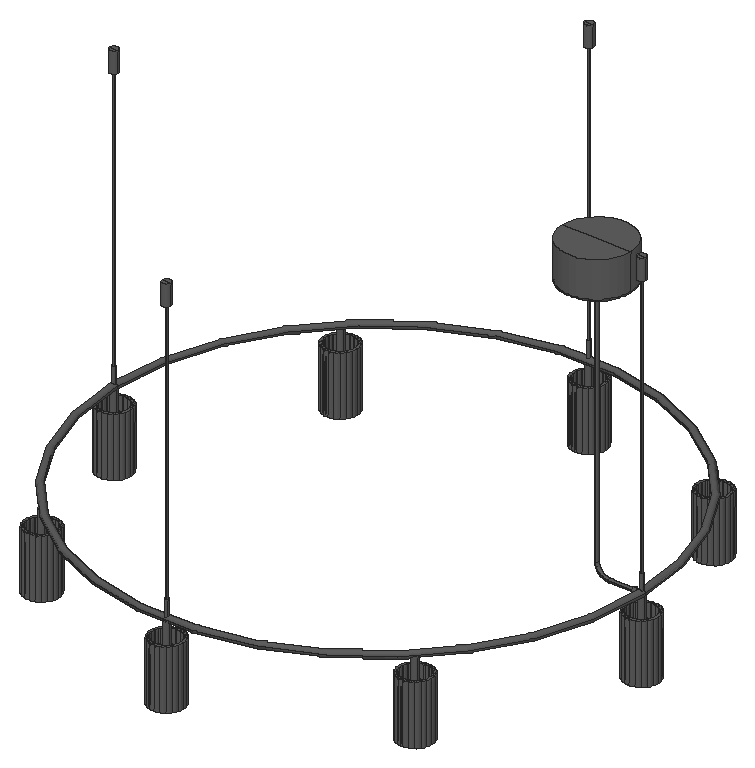
Revit family "Lighting_Pendants_Pholc_Donna_Circle-1000", category Lighting Fixtures, host Ceiling, Revit 2017 (continued)
Definition of nested family "Donna_Circle_1000"
  Automatic sketch dimensions
    curve 237 to curve 236 = 0 mm
    curve 226 to curve 225 = 0 mm
    curve 233 to curve 237 = 0 mm
    curve 222 to curve 226 = 0 mm
    curve 238 to curve 237 = 0 mm
    curve 227 to curve 226 = 0 mm
    curve 239 to curve 238 = 0 mm
    curve 228 to curve 227 = 0 mm
    curve 221 to curve 228 = 0 mm
    curve 233 to curve 239 = 0 mm
    curve 216 to curve 229 = 6.755 mm
    curve 9 to curve 28 = 4.259 mm
    curve 8 to curve 12 = 4.259 mm
    curve 8 to curve 11 = 1.171 mm
    curve 9 to curve 29 = 1.171 mm
    curve 28 to curve 29 = 0 mm
    curve 12 to curve 11 = 0 mm
    curve 10 to curve 28 = 0 mm
    curve 8 to curve 12 = 0 mm
    curve 27 to curve 28 = 0 mm
    curve 13 to curve 12 = 0 mm
    curve 14 to curve 13 = 0 mm
    curve 26 to curve 27 = 0 mm
    curve 7 to curve 14 = 0 mm
    curve 1 to curve 26 = 0 mm
    curve 15 to curve 14 = 0 mm
    curve 25 to curve 26 = 0 mm
    curve 16 to curve 15 = 0 mm
    curve 24 to curve 25 = 0 mm
    curve 17 to curve 16 = 0 mm
    curve 23 to curve 24 = 0 mm
    curve 1 to curve 24 = 0 mm
    curve 5 to curve 16 = 0 mm
    curve 22 to curve 23 = 0 mm
    curve 18 to curve 17 = 0 mm
    curve 19 to curve 18 = 0 mm
    curve 21 to curve 22 = 0 mm
    curve 20 to curve 19 = 0 mm
    curve 4 to curve 18 = 0 mm
    curve 230 to curve 524 = 0 mm  (x2)
    plane 3 "Center (Left/Right)" to curve 524 = 5.26 mm
    curve 230 to curve 525 = 0 mm  (x2)
    curve 527 to plane 3 "Center (Left/Right)" = 5.323 mm
    curve 443 to curve 424 = 0.35 mm
    plane 3 "Center (Left/Right)" to curve 525 = 5.323 mm
    curve 441 to curve 442 = 0.564 mm
    curve 230 to curve 526 = 0 mm  (x2)
    curve 230 to curve 298 = 0 mm  (x2)
    curve 230 to curve 528 = 0 mm  (x2)
    curve 230 to curve 529 = 0 mm  (x2)
    curve 230 to curve 530 = 0 mm  (x2)
    curve 230 to curve 531 = 0 mm  (x2)
    curve 230 to curve 532 = 0 mm  (x2)
    curve 230 to curve 533 = 0 mm  (x2)
    curve 230 to curve 534 = 0 mm  (x2)
    curve 230 to curve 535 = 0 mm  (x2)
    curve 230 to curve 536 = 0 mm  (x2)
    curve 230 to curve 537 = 0 mm  (x2)
    curve 230 to curve 538 = 0 mm  (x2)
    curve 230 to curve 539 = 0 mm  (x2)
    plane 1 "Center (Front/Back)" to curve 542 = 0 mm
    plane 1 "Center (Front/Back)" to curve 552 = 0 mm
    curve 553 to plane 1 "Center (Front/Back)" = 4.095 mm
    plane 1 "Center (Front/Back)" to curve 552 = 4.095 mm
    curve 552 to curve 553 = 0 mm
    curve 551 to curve 552 = 2.531 mm
    curve 554 to curve 553 = 2.531 mm
    curve 550 to curve 551 = 4.813 mm
    curve 555 to curve 554 = 4.813 mm
    curve 556 to curve 555 = 6.625 mm
    curve 549 to curve 550 = 6.625 mm
    curve 548 to curve 549 = 7.788 mm
    curve 559 to curve 558 = 7.788 mm
    curve 545 to curve 546 = 6.625 mm
    curve 540 to curve 559 = 6.625 mm
    curve 541 to curve 540 = 4.813 mm
    curve 544 to curve 545 = 4.813 mm
    plane 1 "Center (Front/Back)" to curve 543 = 4.095 mm
    curve 543 to curve 544 = 2.531 mm
    curve 542 to curve 541 = 2.531 mm
    curve 547 to curve 548 = 0 mm
    curve 547 to curve 546 = 2.531 mm
    curve 548 to curve 549 = 2.531 mm
    curve 549 to curve 550 = 4.813 mm
    curve 546 to curve 545 = 4.813 mm
    curve 550 to curve 551 = 6.625 mm
    curve 545 to curve 544 = 6.625 mm
    curve 542 to plane 1 "Center (Front/Back)" = 4.095 mm
    curve 553 to curve 554 = 7.788 mm
    curve 554 to curve 555 = 6.625 mm
    curve 541 to curve 540 = 6.625 mm
    curve 555 to curve 556 = 4.813 mm
    curve 540 to curve 559 = 4.813 mm
    curve 556 to curve 557 = 2.531 mm
    curve 559 to curve 558 = 2.531 mm
    curve 553 to curve 553 = 4.148 mm
    curve 553 to curve 554 = 2.679 mm
    curve 552 to curve 551 = 2.679 mm
    curve 554 to curve 555 = 0.949 mm
    curve 551 to curve 550 = 0.949 mm
    curve 555 to curve 555 = 0.875 mm
    curve 549 to curve 549 = 5.751 mm
    curve 557 to curve 557 = 5.176 mm
    curve 548 to curve 549 = 5.176 mm
    curve 548 to curve 548 = 2.874 mm
    curve 558 to curve 558 = 0.917 mm
    curve 547 to curve 547 = 5.176 mm
    curve 559 to curve 558 = 5.176 mm
    curve 546 to curve 546 = 5.751 mm
    curve 559 to curve 559 = 5.751 mm
    curve 541 to curve 540 = 5.762 mm
    curve 545 to curve 544 = 0.949 mm
    curve 542 to curve 541 = 5.21 mm
    curve 542 to curve 593 = 0 mm  (x2)
    curve 543 to curve 591 = 0 mm  (x2)
    curve 552 to curve 575 = 0 mm  (x2)
    curve 553 to curve 573 = 0 mm  (x2)
    curve 554 to curve 571 = 0 mm  (x2)
    curve 555 to curve 569 = 0 mm  (x2)
    curve 556 to curve 567 = 0 mm  (x2)
    plane 1 "Center (Front/Back)" to curve 592 = 0 mm
    plane 1 "Center (Front/Back)" to curve 574 = 0 mm
    curve 592 to curve 543 = 0 mm
    curve 594 to curve 541 = 0 mm  (x2)
    curve 590 to curve 544 = 0 mm  (x2)
    curve 588 to curve 544 = 0 mm  (x2)
    curve 560 to curve 540 = 0 mm  (x2)
    curve 562 to curve 540 = 0 mm  (x2)
    curve 586 to curve 545 = 0 mm  (x2)
    curve 584 to curve 547 = 0 mm  (x2)
    curve 564 to curve 559 = 0 mm  (x2)
    curve 582 to curve 549 = 0 mm  (x2)
    curve 566 to curve 557 = 0 mm  (x2)
    curve 568 to curve 555 = 0 mm  (x2)
    curve 580 to curve 550 = 0 mm  (x2)
    curve 578 to curve 550 = 0 mm  (x2)
    curve 570 to curve 555 = 0 mm  (x2)
    curve 572 to curve 554 = 0 mm  (x2)
    curve 576 to curve 551 = 0 mm  (x2)
    curve 574 to curve 552 = 0 mm
    curve 592 to curve 542 = 1.301 mm
    curve 593 to curve 592 = 0 mm
    curve 591 to curve 592 = 0 mm
    curve 594 to curve 593 = 0 mm
    curve 590 to curve 591 = 0 mm
    curve 595 to curve 594 = 0 mm
    curve 589 to curve 590 = 0 mm
    curve 588 to curve 589 = 0 mm
    curve 560 to curve 595 = 0 mm
    curve 561 to curve 560 = 0 mm
    curve 587 to curve 588 = 0 mm
    curve 586 to curve 587 = 0 mm
    curve 562 to curve 561 = 0 mm
    curve 563 to curve 562 = 0 mm
    curve 585 to curve 586 = 0 mm
    curve 584 to curve 585 = 0 mm
    curve 564 to curve 563 = 0 mm
    curve 583 to curve 584 = 0 mm
    curve 565 to curve 564 = 0 mm
    curve 581 to curve 582 = 0 mm
    curve 567 to curve 566 = 0 mm
    curve 568 to curve 567 = 0 mm
    curve 580 to curve 581 = 0 mm
    curve 579 to curve 580 = 0 mm
    curve 569 to curve 568 = 0 mm
    curve 570 to curve 569 = 0 mm
    curve 578 to curve 579 = 0 mm
    curve 577 to curve 578 = 0 mm
    curve 571 to curve 570 = 0 mm
    curve 576 to curve 577 = 0 mm
    curve 572 to curve 571 = 0 mm
    curve 575 to curve 576 = 0 mm
    curve 573 to curve 572 = 0 mm
    curve 574 to curve 575 = 0 mm
    curve 230 to curve 597 = 0 mm  (x2)
    plane 1 "Center (Front/Back)" to curve 596 = 0 mm
    plane 1 "Center (Front/Back)" to curve 597 = 5.26 mm
    curve 230 to curve 600 = 0 mm  (x2)
    curve 599 to plane 1 "Center (Front/Back)" = 5.323 mm
    curve 598 to curve 599 = 0 mm
    curve 557 to curve 597 = 1.933 mm
    curve 597 to curve 297 = 0 mm
    curve 592 to curve 591 = 2.847 mm
    curve 564 to curve 565 = 0.453 mm
    curve 566 to curve 556 = 0.82 mm
    curve 547 to curve 547 = 0.917 mm
    curve 230 to curve 599 = 0 mm  (x2)
    curve 230 to curve 598 = 0 mm  (x2)
    curve 596 to curve 297 = 6.028 mm
    curve 590 to curve 589 = 5.21 mm
    curve 441 to curve 424 = 13.365 mm
    curve 377 to curve 381 = 8.057 mm
    curve 583 to curve 583 = 0.453 mm
    curve 582 to curve 549 = 0.82 mm
    curve 540 to curve 561 = 0 mm  (x2)
    curve 541 to curve 595 = 0 mm  (x2)
    curve 544 to curve 589 = 0 mm  (x2)
    curve 545 to curve 587 = 0 mm  (x2)
    curve 546 to curve 585 = 0 mm  (x2)
    curve 547 to curve 583 = 0 mm  (x2)
    curve 549 to curve 581 = 0 mm  (x2)
    curve 550 to curve 579 = 0 mm  (x2)
    curve 551 to curve 577 = 0 mm  (x2)
    curve 558 to curve 565 = 0 mm  (x2)
    curve 559 to curve 563 = 0 mm  (x2)
    curve 584 to curve 598 = 3.299 mm
    curve 557 to curve 210 = 109.478 mm
    curve 405 to curve 403 = 1.468 mm
    curve 210 to curve 208 = 1.468 mm
    curve 168 to curve 169 = 0.875 mm
    curve 364 to curve 364 = 0.875 mm
    curve 381 to curve 368 = 8.941 mm
    curve 186 to curve 188 = 8.941 mm
    curve 196 to curve 170 = 4.813 mm
    curve 364 to curve 365 = 4.813 mm
    curve 196 to curve 195 = 5.762 mm
    curve 368 to curve 382 = 0.949 mm
    curve 173 to curve 187 = 0.949 mm
    curve 364 to curve 390 = 5.762 mm
    curve 365 to curve 387 = 2.531 mm
    curve 385 to curve 366 = 0 mm
    curve 173 to curve 190 = 2.531 mm
    curve 171 to curve 190 = 1.301 mm
    curve 367 to curve 384 = 2.679 mm
    curve 173 to curve 189 = 5.21 mm
    curve 366 to curve 388 = 2.679 mm
    curve 171 to curve 193 = 2.679 mm
    curve 385 to curve 386 = 2.847 mm
    curve 192 to curve 191 = 2.847 mm
    Revolve 5 sketch curve to plane 11 = 31.681 mm
    curve 517 to plane 10 = 208.127 mm
    curve 348 to plane 10 = 208.127 mm
    curve 302 to curve 346 = 1.468 mm
    curve 471 to curve 519 = 1.468 mm
    curve 302 to curve 350 = 1.468 mm
    curve 471 to curve 515 = 1.468 mm
    curve 469 to curve 470 = 2.679 mm
    curve 302 to curve 302 = 2.679 mm
    curve 471 to curve 471 = 4.148 mm
    curve 300 to curve 349 = 2.679 mm
    curve 470 to curve 521 = 4.261 mm
    curve 515 to curve 513 = 4.261 mm
    curve 300 to curve 352 = 4.261 mm
    curve 302 to curve 344 = 4.261 mm
    curve 469 to curve 520 = 5.21 mm
    curve 302 to curve 345 = 5.21 mm
    curve 300 to curve 351 = 3.236 mm
    curve 515 to curve 514 = 5.21 mm
    curve 473 to curve 473 = 5.762 mm
    curve 303 to curve 304 = 5.762 mm
    curve 521 to curve 522 = 6.637 mm
    curve 473 to curve 511 = 0.875 mm
    curve 304 to curve 342 = 0.875 mm
    curve 352 to curve 353 = 6.637 mm
    curve 30 to curve 231 = 78.972 mm
    Sweep 6 sketch curve to plane 10 = 116.681 mm
    Revolve 7 sketch curve to plane 10 = 46.681 mm
    curve 405 to plane 11 = 148.127 mm
    curve 488 to curve 522 = 8.057 mm
    curve 201 to curve 206 = 15.62 mm
    curve 338 to curve 333 = 15.62 mm
    plane 8 to Extrusion 10 sketch curve = 0 mm
    Extrusion 10 sketch curve to plane 11 = 0 mm
    Extrusion 10 sketch curve to plane 10 = 0 mm
    Extrusion 10 sketch curve to plane 9 = 0 mm
    curve 124 to curve 637 = 0 mm  (x2)
    curve 124 to curve 638 = 0 mm  (x2)
    curve 637 to curve 638 = 0 mm  (x2)
    curve 647 to curve 663 = 0 mm  (x2)
    curve 647 to curve 664 = 0 mm  (x2)
    curve 663 to curve 664 = 0 mm  (x2)
    curve 640 to plane 8 = 0 mm
    curve 642 to level = 0 mm
    curve 677 to level = 0 mm
    curve 119 to level = 0 mm
    curve 667 to level = 0 mm
    curve 111 to level = 0 mm
    curve 146 to plane 4 = 0 mm
    curve 109 to plane 9 = 0 mm
    curve 658 to plane 8 = 23.681 mm
    curve 644 to plane 8 = 25.681 mm
    curve 650 to plane 8 = 28.681 mm
    curve 650 to curve 653 = 2 mm
    curve 664 to curve 647 = 3.001 mm
    curve 653 to curve 660 = 2 mm
    curve 649 to curve 649 = 2.999 mm
    curve 647 to curve 646 = 5.999 mm
    curve 657 to curve 658 = 16 mm
    curve 642 to plane 8 = 63.361 mm
    curve 641 to curve 677 = 83.085 mm
    curve 676 to curve 675 = 25.681 mm
    curve 676 to curve 683 = 12 mm
    curve 681 to curve 679 = 25.681 mm
    plane 6 to curve 153 = 2 mm
    plane 1 "Center (Front/Back)" to curve 153 = 65 mm
    plane 1 "Center (Front/Back)" to curve 119 = 31.681 mm
    plane 1 "Center (Front/Back)" to curve 122 = 6 mm
    plane 1 "Center (Front/Back)" to curve 136 = 3 mm
    curve 154 to plane 1 "Center (Front/Back)" = 3 mm
    curve 116 to plane 1 "Center (Front/Back)" = 6 mm
    curve 118 to plane 1 "Center (Front/Back)" = 31.681 mm
    curve 141 to curve 154 = 60 mm
    curve 152 to plane 1 "Center (Front/Back)" = 65 mm
    curve 668 to plane 7 = 65 mm
    curve 668 to plane 9 = 209.808 mm
    curve 668 to curve 672 = 25.681 mm
    curve 672 to curve 673 = 12 mm
    curve 667 to curve 667 = 63.361 mm
    curve 111 to plane 9 = 63.361 mm
    curve 148 to plane 9 = 39.681 mm
    curve 111 to curve 115 = 25.681 mm
    curve 115 to curve 129 = 3 mm
    curve 147 to curve 149 = 7 mm
    curve 126 to curve 126 = 2.999 mm
    curve 138 to curve 128 = 2 mm
    curve 128 to curve 127 = 2 mm
    curve 146 to curve 146 = 16 mm
    curve 117 to plane 7 = 65 mm
    curve 115 to plane 7 = 65 mm
    curve 640 to plane 7 = 65 mm
    curve 683 to plane 7 = 65 mm
    curve 665 to curve 669 = 24.999 mm
    plane 1 "Center (Front/Back)" to curve 144 = 1 mm
    curve 143 to plane 1 "Center (Front/Back)" = 1 mm
    curve 55 to curve 56 = 0 mm  (x2)
    curve 55 to curve 64 = 0 mm  (x2)
    curve 56 to curve 64 = 0 mm  (x2)
    curve 79 to curve 81 = 0 mm  (x2)
    curve 79 to curve 628 = 0 mm  (x2)
    curve 81 to curve 628 = 0 mm  (x2)
    curve 104 to curve 105 = 0 mm  (x2)
    plane 11 to curve 31 = 0 mm
    curve 82 to plane 4 = 0 mm
    curve 33 to level = 0 mm
    curve 601 to level = 0 mm
    curve 39 to level = 0 mm
    curve 89 to plane 4 = 0 mm
    curve 70 to plane 7 = 0 mm
    curve 614 to level = 0 mm
    curve 101 to plane 4 = 0 mm
    curve 95 to plane 6 = 0 mm
    curve 48 to level = 0 mm
    curve 636 to plane 5 = 0 mm
    curve 633 to plane 4 = 0 mm
    curve 625 to plane 7 = 0 mm
    curve 51 to plane 10 = 0 mm
    curve 82 to plane 11 = 23.681 mm
    curve 31 to curve 34 = 25.681 mm
    curve 58 to plane 11 = 28.681 mm
    curve 57 to curve 67 = 2 mm
    curve 55 to curve 55 = 6.001 mm
    curve 58 to curve 68 = 2 mm
    curve 60 to curve 61 = 2 mm
    curve 55 to curve 35 = 5.999 mm
    curve 82 to curve 83 = 16 mm
    curve 35 to curve 33 = 25.681 mm
    curve 32 to curve 601 = 83.085 mm
    curve 601 to curve 608 = 25.681 mm
    curve 604 to curve 607 = 12 mm
    curve 601 to curve 603 = 63.361 mm
    curve 46 to plane 3 "Center (Left/Right)" = 31.681 mm
    curve 89 to plane 3 "Center (Left/Right)" = 8 mm
    curve 45 to plane 3 "Center (Left/Right)" = 6 mm
    curve 70 to plane 3 "Center (Left/Right)" = 3 mm
    curve 92 to plane 3 "Center (Left/Right)" = 1 mm
    plane 3 "Center (Left/Right)" to curve 72 = 1 mm
    plane 3 "Center (Left/Right)" to curve 71 = 3 mm
    plane 3 "Center (Left/Right)" to curve 611 = 6 mm
    curve 75 to curve 90 = 7 mm
    curve 43 to curve 41 = 25.681 mm
    curve 614 to curve 48 = 209.808 mm
    curve 614 to curve 616 = 25.681 mm
    curve 101 to plane 10 = 181.681 mm
    curve 95 to curve 95 = 2 mm
    curve 611 to curve 620 = 12 mm
    curve 613 to curve 612 = 63.361 mm
    curve 99 to plane 7 = 9 mm
    curve 615 to curve 99 = 52.447 mm
    curve 96 to curve 103 = 6 mm
    curve 104 to curve 107 = 1.432 mm
    curve 105 to curve 106 = 9.476 mm
    curve 104 to curve 53 = 39.411 mm
    curve 102 to plane 10 = 53.681 mm
    curve 101 to plane 10 = 51.681 mm
    curve 97 to curve 636 = 12 mm
    curve 47 to curve 53 = 25.681 mm
    curve 625 to plane 10 = 34.681 mm
    curve 633 to curve 636 = 7 mm
    curve 106 to curve 79 = 2.999 mm
    curve 626 to curve 629 = 2 mm
    curve 624 to curve 623 = 2 mm
    curve 629 to curve 631 = 7 mm
    curve 39 to curve 42 = 24.999 mm
    curve 38 to curve 34 = 31 mm
    curve 47 to curve 50 = 24.999 mm
    curve 603 to curve 62 = 24.999 mm
    curve 612 to curve 615 = 24.999 mm
    Revolve 1 sketch curve to plane 11 = 23.681 mm
    Revolve 1 sketch curve to plane 11 = 28.681 mm
    Revolve 1 sketch curve to Revolve 1 sketch curve = 8 mm
    Revolve 1 sketch curve to Revolve 1 sketch curve = 3 mm
    Revolve 1 sketch curve to Revolve 1 sketch curve = 0 mm
    plane 4 to Revolve 1 sketch curve = 13 mm
    Revolve 1 sketch curve to Revolve 1 sketch curve = 5.857 mm
    Revolve 2 sketch curve to plane 7 = 0 mm
    Revolve 2 sketch curve to plane 3 "Center (Left/Right)" = 0 mm  (x3)
    Revolve 2 sketch curve to Revolve 2 sketch curve = 3 mm
    Revolve 2 sketch curve to Revolve 2 sketch curve = 8 mm
    Revolve 2 sketch curve to Revolve 2 sketch curve = 13 mm
    Revolve 2 sketch curve to Revolve 2 sketch curve = 5.857 mm
    Revolve 3 sketch curve to plane 4 = 0 mm
    Revolve 3 sketch curve to plane 5 = 0 mm
    Revolve 3 sketch curve to plane 10 = 39.681 mm
    Revolve 3 sketch curve to plane 10 = 34.681 mm
    Revolve 3 sketch curve to Revolve 3 sketch curve = 8 mm
    Revolve 3 sketch curve to Revolve 3 sketch curve = 3 mm
    Revolve 3 sketch curve to Revolve 3 sketch curve = 0 mm
    Revolve 3 sketch curve to Revolve 3 sketch curve = 13 mm
    Revolve 3 sketch curve to Revolve 3 sketch curve = 5.857 mm
    Revolve 4 sketch curve to plane 4 = 0 mm  (x2)
    Revolve 4 sketch curve to plane 6 = 0 mm
    plane 6 to Revolve 4 sketch curve = 2 mm
    Revolve 4 sketch curve to plane 10 = 181.681 mm
    Revolve 4 sketch curve to Revolve 4 sketch curve = 65 mm
    Revolve 4 sketch curve to Revolve 4 sketch curve = 0 mm
    Revolve 4 sketch curve to Revolve 4 sketch curve = 11.813 mm
    Revolve 9 sketch curve to plane 4 = 0 mm
    Revolve 9 sketch curve to plane 5 = 0 mm
    Revolve 9 sketch curve to plane 7 = 0 mm
    Revolve 9 sketch curve to plane 3 "Center (Left/Right)" = 0 mm  (x3)
    Revolve 9 sketch curve to Revolve 9 sketch curve = 3 mm
    Revolve 9 sketch curve to Revolve 9 sketch curve = 8 mm
    Revolve 9 sketch curve to Revolve 9 sketch curve = 13 mm
    Revolve 9 sketch curve to Revolve 9 sketch curve = 5.857 mm
    radius of Revolve 5 sketch curve = 6.001 mm
    radius of Sweep 6 sketch curve = 3 mm
    radius of Sweep 8 sketch curve = 1 mm  (x4)
  Nested families
    nested 1: "Donna_LightSource" at (-500, 0, 0), Metal <- "Metal", type "Donna_LightSource", detail levels medium+fine
      with Metal none
    nested 2: "Donna_LightSource" at (-353.553, 353.553, 0), Metal <- "Metal", type "Donna_LightSource", detail levels medium+fine
      with Metal none
    nested 3: "Donna_LightSource" at (0, 500, 0), Metal <- "Metal", type "Donna_LightSource", detail levels medium+fine
      with Metal none
    nested 4: "Donna_LightSource" at (-353.553, -353.553, 0), Metal <- "Metal", type "Donna_LightSource", detail levels medium+fine
      with Metal none
    nested 5: "Donna_LightSource" at (0, -500, 0), Metal <- "Metal", type "Donna_LightSource", detail levels medium+fine
      with Metal none
    nested 6: "Donna_LightSource" at (500, 0, 0) x (-1, 0, 0) z (0, 0, 1), Metal <- "Metal", type "Donna_LightSource", detail levels medium+fine
      with Metal none
    nested 7: "Donna_LightSource" at (353.553, 353.553, 0) x (-1, 0, 0) z (0, 0, 1), Metal <- "Metal", type "Donna_LightSource", detail levels medium+fine
      with Metal none
    nested 8: "Donna_LightSource" at (353.553, -353.553, 0) x (-1, 0, 0) z (0, 0, 1), Metal <- "Metal", type "Donna_LightSource", detail levels medium+fine
      with Metal none
  Definition of nested family "Donna_LightSource"
    Parameters (values of type "Donna_LightSource")
      Wattage = 9.2903 W
      built-in parameter 1150110 = 1 (stored number, unit not read)
      built-in parameter 1114217 = 1 (stored number, unit not read)
      Tilt Angle = 90.00°
      built-in parameter 1150109 = 1 (stored number, unit not read)
      built-in parameter 1150134 = (empty or 0)
      built-in parameter 1150113 = 1 (stored number, unit not read)
      built-in parameter 1010507 = 1.5708 (stored number, unit not read)
      built-in parameter 1010506 = 0.5236 (stored number, unit not read)
      Metal [instance] = none
      Lumens = 1380 lm
      built-in parameter 1150115 = 1 (stored number, unit not read)
      built-in parameter 1150105 = 4614.1 (stored number, unit not read)
      Light Source Symbol Length = 1000 mm
      built-in parameter 1150137 = (empty or 0)
      built-in parameter 1150139 = (empty or 0)
      built-in parameter 1150112 = 1 (stored number, unit not read)
      built-in parameter 1150114 = 1 (stored number, unit not read)
      built-in parameter 1150132 = 2
      built-in parameter 1150102 = (empty or 0)
      built-in parameter 1150138 = (empty or 0)
      built-in parameter 1150107 = 3000 (stored number, unit not read)
      built-in parameter 1150106 = 46.141 (stored number, unit not read)
      built-in parameter 1150104 = 13.8 (stored number, unit not read)
      Dimming Lamp Color Temperature Shift = (empty or 0)
      Color Filter = 16777215
      built-in parameter 1114218 = 1 (stored number, unit not read)
      built-in parameter 1150133 = 10 (stored number, unit not read)
    Reference planes
      plane 1 "Light Source Axis (F/B)": y = 0
      plane 2: z = 0
      plane 3 "Light Source Axis (L/R)": x = 0
      plane 4 "Light Source Elevation": z = 84
    Forms (mm)
      Revolve 1, solid, material <- "Metal"
        sketch origin (0, 0, 0) x (1, 0, 0) y (0, 0, 1)
          loop
            line (0, 141) -> (-6, 141) -> (-6, 86) -> (-28, 86) -> (-28, 84) -> (0, 84) -> (0, 141)
          axis (0, 84) -> (0, 141)
        angle from 0 to 360
      Extrusion 2, solid, material <- "Metal"
        sketch origin (-31.667, -40.875, 0) x (1, 0, 0) y (0, 1, 0)
          loop
            arc (31.667, 70.875) -> (26.661, 72.484) -> (22.397, 69.407) r 5.828
            arc (22.397, 69.407) -> (17.138, 69.39) -> (14.034, 65.146) r 5.828
            arc (14.034, 65.146) -> (9.038, 63.505) -> (7.397, 58.509) r 5.828
            arc (7.397, 58.509) -> (3.153, 55.404) -> (3.136, 50.146) r 5.828
            arc (3.136, 50.146) -> (0.059, 45.882) -> (1.667, 40.875) r 5.828
            arc (1.667, 40.875) -> (0.059, 35.869) -> (3.136, 31.605) r 5.828
            arc (3.136, 31.605) -> (3.153, 26.346) -> (7.397, 23.242) r 5.828
            arc (7.397, 23.242) -> (9.038, 18.246) -> (14.034, 16.605) r 5.828
            arc (14.034, 16.605) -> (17.138, 12.361) -> (22.397, 12.344) r 5.828
            arc (22.397, 12.344) -> (26.661, 9.267) -> (31.667, 10.875) r 5.828
            arc (31.667, 10.875) -> (36.674, 9.267) -> (40.938, 12.344) r 5.828
            arc (40.938, 12.344) -> (46.196, 12.361) -> (49.301, 16.605) r 5.828
            arc (49.301, 16.605) -> (54.297, 18.246) -> (55.938, 23.242) r 5.828
            arc (55.938, 23.242) -> (60.182, 26.346) -> (60.199, 31.605) r 5.828
            arc (60.199, 31.605) -> (63.276, 35.869) -> (61.667, 40.875) r 5.828
            arc (61.667, 40.875) -> (63.276, 45.882) -> (60.199, 50.146) r 5.828
            arc (60.199, 50.146) -> (60.182, 55.404) -> (55.938, 58.509) r 5.828
            arc (55.938, 58.509) -> (54.297, 63.505) -> (49.301, 65.146) r 5.828
            arc (49.301, 65.146) -> (46.196, 69.39) -> (40.938, 69.407) r 5.828
            arc (40.938, 69.407) -> (36.674, 72.484) -> (31.667, 70.875) r 5.828
          loop
            arc (34.478, 68.029) -> (31.667, 66.875) -> (28.857, 68.029) r 4
            arc (28.857, 68.029) -> (27.287, 68.534) -> (25.949, 67.568) r 1.828
            arc (25.949, 67.568) -> (23.633, 65.603) -> (20.604, 65.831) r 4
            arc (20.604, 65.831) -> (18.954, 65.826) -> (17.98, 64.495) r 1.828
            arc (17.98, 64.495) -> (16.385, 61.91) -> (13.434, 61.191) r 4
            arc (13.434, 61.191) -> (11.866, 60.676) -> (11.352, 59.109) r 1.828
            arc (11.352, 59.109) -> (10.633, 56.158) -> (8.048, 54.562) r 4
            arc (8.048, 54.562) -> (6.717, 53.588) -> (6.711, 51.939) r 1.828
            arc (6.711, 51.939) -> (6.94, 48.91) -> (4.975, 46.594) r 4
            arc (4.975, 46.594) -> (4.009, 45.256) -> (4.514, 43.686) r 1.828
            arc (4.514, 43.686) -> (5.667, 40.875) -> (4.514, 38.065) r 4
            arc (4.514, 38.065) -> (4.009, 36.495) -> (4.975, 35.157) r 1.828
            arc (4.975, 35.157) -> (6.94, 32.841) -> (6.711, 29.812) r 4
            arc (6.711, 29.812) -> (6.717, 28.162) -> (8.048, 27.189) r 1.828
            arc (8.048, 27.189) -> (10.633, 25.593) -> (11.352, 22.642) r 4
            arc (11.352, 22.642) -> (11.866, 21.074) -> (13.434, 20.56) r 1.828
            arc (13.434, 20.56) -> (16.385, 19.841) -> (17.98, 17.256) r 4
            arc (17.98, 17.256) -> (18.954, 15.925) -> (20.604, 15.919) r 1.828
            arc (20.604, 15.919) -> (23.633, 16.148) -> (25.949, 14.183) r 4
            arc (25.949, 14.183) -> (27.287, 13.217) -> (28.857, 13.722) r 1.828
            arc (28.857, 13.722) -> (31.667, 14.875) -> (34.478, 13.722) r 4
            arc (34.478, 13.722) -> (36.048, 13.217) -> (37.386, 14.183) r 1.828
            arc (37.386, 14.183) -> (39.702, 16.148) -> (42.731, 15.919) r 4
            arc (42.731, 15.919) -> (44.38, 15.925) -> (45.354, 17.256) r 1.828
            arc (45.354, 17.256) -> (46.95, 19.841) -> (49.901, 20.56) r 4
            arc (49.901, 20.56) -> (51.468, 21.074) -> (51.983, 22.642) r 1.828
            arc (51.983, 22.642) -> (52.702, 25.593) -> (55.287, 27.189) r 4
            arc (55.287, 27.189) -> (56.618, 28.162) -> (56.623, 29.812) r 1.828
            arc (56.623, 29.812) -> (56.395, 32.841) -> (58.36, 35.157) r 4
            arc (58.36, 35.157) -> (59.325, 36.495) -> (58.821, 38.065) r 1.828
            arc (58.821, 38.065) -> (57.667, 40.875) -> (58.821, 43.686) r 4
            arc (58.821, 43.686) -> (59.325, 45.256) -> (58.36, 46.594) r 1.828
            arc (58.36, 46.594) -> (56.395, 48.91) -> (56.623, 51.939) r 4
            arc (56.623, 51.939) -> (56.618, 53.588) -> (55.287, 54.562) r 1.828
            arc (55.287, 54.562) -> (52.702, 56.158) -> (51.983, 59.109) r 4
            arc (51.983, 59.109) -> (51.468, 60.676) -> (49.901, 61.191) r 1.828
            arc (49.901, 61.191) -> (46.95, 61.91) -> (45.354, 64.495) r 4
            arc (45.354, 64.495) -> (44.38, 65.826) -> (42.731, 65.831) r 1.828
            arc (42.731, 65.831) -> (39.702, 65.603) -> (37.386, 67.568) r 4
            arc (37.386, 67.568) -> (36.048, 68.534) -> (34.478, 68.029) r 1.828
        from 0 to 111
    Dimensions and locks
      aligned and locked: plane 3 "Light Source Axis (L/R)" to imposter light
      aligned and locked: plane 1 "Light Source Axis (F/B)" to imposter light
      aligned and locked: plane 4 "Light Source Elevation" to imposter light
      aligned and locked: level to plane 2
      aligned and locked: imposter light to Revolve 1
Types (2, lengths in mm): name | ModelReference | Model | LightFixtureMainMaterial | Color | AssetType | ArticleNumber
  Donna Pendant Circle 1000 - Black Ink | "964185" | "Donna Pendant Circle 1000 - Black Ink" | Black ink | "Black Ink" | "Fixed" | "964185"
  Donna Pendant Circle 1000 - Linen | "964183" | "Donna Pendant Circle 1000 - Linen" | Linen | "Linen" | "n/a" | "964183"
